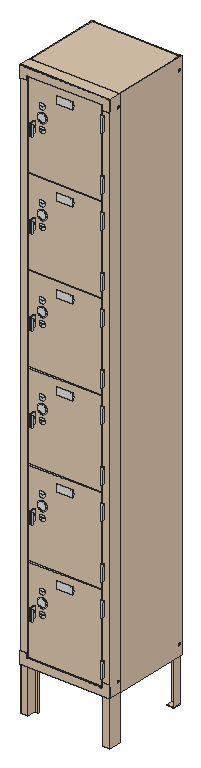
Revit family "Metal_Vented_Lockers-Salsbury_Industries-75000_76000_Series-1_Wide_Units", category Specialty Equipment, Revit 2023
Family settings
  Round Connector Dimension = Use Diameter
  Part Type = Normal
  OmniClass Number = 23.40.00.00
  OmniClass Title = Equipment and Furnishings
  Work Plane-Based = No
  Enable Cutting in Views = No
  Always vertical = Yes
  Cut with Voids When Loaded = No
  Maintain Annotation Orientation = No
  Shared = No
  Room Calculation Point = No
Parameters (values of type "76162 - with Standard 6" High Legs")
  Zee Base Corner - Right Side [instance] = Metal Locker Zee Base Corner : None
  Zee Base Corner - Left Side [instance] = Metal Locker Zee Base Corner : None
  Zee Base - Right Side [instance] = Metal Locker Zee Base-Right Side : None
  Zee Base - Left Side [instance] = Metal Locker Zee Base-Left Side : None
  Zee Base = Metal Locker Zee Base : None
  Width = 12.040"
  Version = "2.0 (01/30/18)"
  Vent Offset = if(Depth = 12.010", 3.250", if(Depth = 15.010", 3.500", if(Depth = 18.010", 3.750", 0.000")))  # 3.250"
  Vent Configuration Height = Vents : 6 foot high vents
  Vent Array Spacing = 1.187"
  Vent Array 2 = if(Depth = 12.010", 5, if(Depth = 15.010", 7, if(Depth = 18.010", 9, 0)))  # 5
  Vent Array 1 = Vent Array 2 + 1  # 6
  Unit Height including Sloping Hood Only [instance] = 78.625"
  Unit Height = 72.000"
  URL = "www.lockers.com"
  Type Comments = "12\" Wide Vented Metal Locker - Box Style Six Tier"
  Total Door(s) Height [instance] = 69.81949"
  Top Door = yes
  Top Compartment Divider = yes
  Test Data = "https://www.lockers.com/videolibrary/"
  Specification = "https://www.lockers.com/architect-resources//"
  Sloping Top In-Line Filler - Right Side [instance] = Metal Locker Sloping Top Filler : None
  Sloping Top In-Line Filler - Left Side [instance] = Metal Locker Sloping Top Filler : None
  Sloping Top Corner Filler - Right Side [instance] = Metal Locker Sloping Corner Filler : None
  Sloping Top Corner Filler - Left Side [instance] = Metal Locker Sloping Corner Filler : None
  Sloping Hood Height = if(Depth = 12.010", 6.625", if(Depth = 15.010", 8.682", if(Depth = 18.010", 10.739", 0.000")))  # 6.625"
  Sloping Hood [instance] = Metal Locker Sloping Hood : None
  Sales Information = "https://www.lockers.com/request_a_quote/"
  Right Side Base [instance] = Metal Locker Right Side Base : None
  Revision = "R1_2018-10"
  Product Data = "https://www.lockers.com/downloads__catalog/"
  Primary Structure Material [instance] = Steel - Salsbury Finish = Tan
  Overall Width including Rivets [instance] = 12.120"
  Unit Height including Base Only [instance] = 78.000"
  Overall Unit Height (including Base and Sloping Hood) [instance] = 84.625"
  OmniClass 23 Title = "Equipment and Furnishings"
  OmniClass 23 Number = "23.40.00.00"
  Model = "76162"
  MasterFormat Title = "Lockers"
  MasterFormat Number = "10 51 13"
  Manufacturer Website = "https://www.lockers.com/"
  Manufacturer Phone - Toll Free = "1-800-562-5377"
  Manufacturer Phone = "(323) 846-6700"
  Manufacturer Fax = "1-800-562-5399"
  Manufacturer Address = "1010 East 62nd Street, Los Angeles, CA 90001-1598"
  Manufacturer = "Salsbury Industries"
  Left Side Base [instance] = Metal Locker Left Side Base : None
  Keynote = "10 51 00"
  Installation-Fabrication = "https://www.lockers.com/downloads__installation_instructions/"
  Individual Door Height = 11.534"
  Hasp Plate Rivet Material = Steel -Salsbury Finish =  Polished Steel
  Hasp Handle Material = Plastic - Salsbury Finish - Black
  Green Building-LEED = "https://www.arcat.com/green/green_building.shtml"
  Front Vertical Filler - Right [instance] = Metal Locker Front Filler : None
  Front Vertical Filler - Left [instance] = Metal Locker Front Filler : None
  Front Base [instance] = Metal Locker Front Base : None
  Flat Top In-Line Filler - Right Side [instance] = Metal Locker Flat Top Filler : None
  Flat Top In-Line Filler - Left Side [instance] = Metal Locker Flat Top Filler : None
  Flat Top Corner Filler - Right Side [instance] = Metal Locker Flat Corner Filler : None
  Flat Top Corner Filler - Left Side [instance] = Metal Locker Flat Corner Filler : None
  Individual Door Width [instance] = 9.90055"
  End Panel - Right Side [instance] = Metal Locker End Panel : None
  End Panel - Left Side [instance] = Metal Locker End Panel : None
  Drawn By = ""
  Door Location D1 = Vented Metal Locker Doors-12 inch with Latch Hasps : Six Tier Door - 6 foot
  Description = "1 Wide - 6 Feet High - 12 Inches Deep"
  Depth = 12.010"
  Default Elevation = 0.000"
  Copyright = ""
  Construction Details = "https://www.lockers.com/downloads__catalog/"
  Compartment Divider Height = Individual Door Height - 0.375"  # 11.159"
  Category = ""
  Building Codes = "https://www.lockers.com/downloads__forms_and_information/"
  Base Height = 6.000"
  Standard Leg Base = Metal Locker Legs : 6" High - 12" W x 12" D
  Assembly Code = "C1030310"
Reference planes (in)
  plane 1 "Center (Front/Back)": y = 0
  plane 2: z = 0
  plane 3 "Center (Left/Right)": x = 0
  plane 4 "Floor": z = 0
  plane 5 "Bottom of Unit": z = 6
  plane 6 "Top of Unit": z = 78
  plane 7 "Left Side of Unit": x = -6.02
  plane 8 "Right Side of Unit": x = 6.02
  plane 9 "Back of Unit": y = 6.005
  plane 10 "Front of Unit": y = -6.005
  plane 11 "Top of Sloping Hood": z = 84.625
  plane 12 "Left Rivet": x = -6.06
  plane 13 "Right Rivet": x = 6.06
  plane 14 "Right Side of Door Opening": x = 5.02
  plane 15 "Left Side of Door Opening": x = -5.02
  plane 16 "Top of Door Opening": z = 77
  plane 17 "Bottom of Door Opening": z = 7
  plane 18 "Back Edge of Front Facing": y = -4.417
  plane 19 "Front Plate Plane": y = -6.065
  plane 20 "Horizontal Center of Top Rivets": z = 76.5
  plane 21 "Horiz Center of Bottom Rivets": z = 7.5
  plane 22 "Vertical Center of Back Rivets": y = 5.505
  plane 23 "Vertical Center of Front Rivets": y = -4.755
  plane 24 "Right Align Top Filler Overlap": x = 5.435
  plane 25 "Left Align Top Filler Overlap": x = -5.435
  plane 26 "Corner Filler Align-Left": x = -6.08
  plane 27 "Corner Filler Align-Right": x = 6.08
  plane 28 "Left Side of Door": x = -4.95029
  plane 29 "Right Side of Door": x = 4.95026
  plane 30 "Top of Door 1": z = 76.90976
  plane 31 "Bottom of Bottom Door": z = 7.09027
  plane 32 "Zee Base Offset": x = -5.669
  plane 33: x = 5.669
  plane 34 "Compartment Align 3": z = 19.159
  plane 35: x = -5.96
  plane 36: x = 5.96
  plane 37: x = -5.635
  plane 38: x = 5.635
  plane 39: y = 5.945
  plane 40: y = 5.895
  plane 41: y = 5.145
  plane 42: x = -5.9
  plane 43: x = 5.9
  plane 44: x = -5.095
  plane 45: x = 5.095
  plane 46: z = 77.94
  plane 47: z = 19.099
  plane 48: z = 18.159
  plane 49: z = 6.9204
  plane 50: z = 6.18539
  plane 51: z = 76.40796
  plane 52: z = 7.59204
  plane 53: z = 18.159
  plane 54: z = 18.62427
  plane 55: z = 18.74976
  plane 56: z = 30.28376
  plane 57: z = 30.40876
  plane 58: z = 29.78327
  plane 59: z = 30.72327
  plane 60 "Compartment Align 2": z = 30.78327
  plane 61: z = 53.72076
  plane 62: z = 41.94276
  plane 63: z = 42.06776
  plane 64: z = 41.44276
  plane 65: z = 42.38276
  plane 66 "Compartment Align 1": z = 42.44276
  plane 67: z = 71.20625
  plane 68: z = 53.60176
  plane 69: z = 53.72676
  plane 70: z = 65.26076
  plane 71: z = 65.38576
  plane 72: z = 53.10176
  plane 73: z = 54.04176
  plane 74: z = 54.10176
  plane 75: z = 64.76076
  plane 76: z = 65.70076
  plane 77: z = 65.76076
  plane 78: z = 82.86525
  plane 79: z = 94.52425
  plane 80 "Front Vent Align": y = -2.755
  plane 81: y = -2.385
  plane 82: y = -1.791
  plane 83 "Top Vent Align": z = 73.562
  plane 84: z = 72.81
  plane 85: z = 71.97
Forms (in)
  Sweep 1, solid, material "Steel - Salsbury Finish = Tan" <- "Primary Structure Material"
    path origin (0, -6.005, 0) x (1, 0, 0) y (0, 0, 1)
      loop
        line (-6.02, 78) -> (-6.02, 6) -> (6.02, 6) -> (6.02, 78) -> (-6.02, 78)
    profile origin (0, -6.005, 78) x (0, 0, 1) y (0, -1, 0)
      loop
        line (0, 0) -> (-1, 0) -> (-1, -1.588) -> (0, -1.588) -> (0, 0)
  Extrusion 2, solid, material "Steel - Salsbury Finish = Tan" <- "Primary Structure Material"
    sketch origin (0, 0, 6) x (0, -1, 0) y (1, 0, 0)
      loop
        line (4.417, 6.02) -> (-6.005, 6.02) -> (-6.005, 5.635) -> (-5.945, 5.635) -> (-5.945, 5.96) -> (4.417, 5.96) -> (4.417, 6.02)
    from 0 to 72
  Extrusion 3, solid, material "Steel - Salsbury Finish = Tan" <- "Primary Structure Material"
    sketch origin (0, 0, 6) x (0, -1, 0) y (1, 0, 0)
      loop
        line (4.417, -6.02) -> (4.417, -5.96) -> (-5.945, -5.96) -> (-5.945, -5.635) -> (-6.005, -5.635) -> (-6.005, -6.02) -> (4.417, -6.02)
    from 0 to 72
  Extrusion 4, solid, material "Steel - Salsbury Finish = Tan" <- "Primary Structure Material"
    sketch origin (0, 0, 6) x (0, -1, 0) y (1, 0, 0)
      loop
        line (-5.945, -5.96) -> (-5.145, -5.96) -> (-5.145, -5.9) -> (-5.895, -5.9) -> (-5.895, 5.9) -> (-5.145, 5.9) -> (-5.145, 5.96) -> (-5.945, 5.96) -> (-5.945, -5.96)
    from 0 to 72
  Sweep 5, solid, material "Steel - Salsbury Finish = Tan" <- "Primary Structure Material"
    path origin (0, 0, 7) x (0, -1, 0) y (1, 0, 0)
      loop
        line (4.417, -5.96) -> (4.417, 5.96) -> (-5.145, 5.96) -> (-5.145, 5.9) -> (-5.895, 5.9) -> (-5.895, -5.9) -> (-5.145, -5.9) -> (-5.145, -5.96) -> (4.417, -5.96)
    profile origin (-5.96, 0.364, 7) x (-1, 0, 0) y (0, 0, 1)
      loop
        line (0, -0.81461) -> (0, -0.0796) -> (-0.06, -0.0796) -> (-0.06, -0.81461) -> (0, -0.81461)
  Extrusion 6, solid, material "Steel - Salsbury Finish = Tan" <- "Primary Structure Material"
    sketch origin (0, 0, 7) x (0, -1, 0) y (1, 0, 0)
      loop
        line (-5.895, -5.9) -> (-5.145, -5.9) -> (-5.145, -5.96) -> (4.417, -5.96) -> (4.417, 5.96) -> (-5.145, 5.96) -> (-5.145, 5.9) -> (-5.895, 5.9) -> (-5.895, -5.9)
    from -0.0796 to 0
  Extrusion 7, solid, material "Steel - Salsbury Finish = Tan" <- "Primary Structure Material"
    sketch origin (0, 0, 78) x (0, -1, 0) y (1, 0, 0)
      loop
        line (-5.895, -5.9) -> (-5.145, -5.9) -> (-5.145, -5.96) -> (4.417, -5.96) -> (4.417, 5.96) -> (-5.145, 5.96) -> (-5.145, 5.9) -> (-5.895, 5.9) -> (-5.895, -5.9)
    from -0.06 to 0
  Extrusion 8, solid, material "Steel - Salsbury Finish = Tan" <- "Primary Structure Material"
    sketch origin (0, -6.065, 0) x (0, 0, -1) y (1, 0, 0)
      loop
        line (-78, -6.02) -> (-76.47656, -6.02)
        arc (-76.47656, -6.02) -> (-76.42806, -5.99991) -> (-76.40796, -5.9514) r 0.0686
        line (-76.40796, -5.9514) -> (-76.40796, -5.16351)
        arc (-76.40796, -5.16351) -> (-76.42809, -5.11506) -> (-76.47656, -5.095) r 0.0686
        line (-76.47656, -5.095) -> (-77, -5.095) -> (-77, 5.095) -> (-76.47656, 5.095)
        arc (-76.47656, 5.095) -> (-76.42809, 5.11506) -> (-76.40796, 5.16351) r 0.0686
        line (-76.40796, 5.16351) -> (-76.40796, 5.9514)
        arc (-76.40796, 5.9514) -> (-76.42806, 5.99991) -> (-76.47656, 6.02) r 0.0686
        line (-76.47656, 6.02) -> (-78, 6.02) -> (-78, -6.02)
    from -0.06 to 0
  Extrusion 9, solid, material "Steel - Salsbury Finish = Tan" <- "Primary Structure Material"
    sketch origin (0, -6.065, 84) x (0, 0, 1) y (-1, 0, 0)
      loop
        line (-78, 6.02) -> (-78, -6.02) -> (-76.47656, -6.02)
        arc (-76.47656, -6.02) -> (-76.42806, -5.99991) -> (-76.40796, -5.9514) r 0.0686
        line (-76.40796, -5.9514) -> (-76.40796, -5.16351)
        arc (-76.40796, -5.16351) -> (-76.42809, -5.11506) -> (-76.47656, -5.095) r 0.0686
        line (-76.47656, -5.095) -> (-77, -5.095) -> (-77, 5.095) -> (-76.47656, 5.095)
        arc (-76.47656, 5.095) -> (-76.42809, 5.11506) -> (-76.40796, 5.16351) r 0.0686
        line (-76.40796, 5.16351) -> (-76.40796, 5.9514)
        arc (-76.40796, 5.9514) -> (-76.42806, 5.99991) -> (-76.47656, 6.02) r 0.0686
        line (-76.47656, 6.02) -> (-78, 6.02)
    from -0.06 to 0
  Blend 10, solid, material "Steel -Salsbury Finish =  Polished Steel" <- "Hasp Plate Rivet Material"
    base sketch origin (6.02, 0, 0) x (0, 0, -1) y (0, -1, 0)
      loop
        circle (-76.5, 4.755) r 0.187
    top sketch origin (6.02, 0, 0) x (0, 0, -1) y (0, -1, 0)
      loop
        circle (-76.5, 4.755) r 0.05319
    from 0 to -0.04
  Blend 11, solid, material "Steel -Salsbury Finish =  Polished Steel" <- "Hasp Plate Rivet Material"
    base sketch origin (6.02, 0, -69) x (0, 0, -1) y (0, -1, 0)
      loop
        circle (-76.5, 4.755) r 0.187
    top sketch origin (6.02, 0, -69) x (0, 0, -1) y (0, -1, 0)
      loop
        circle (-76.5, 4.755) r 0.05319
    from 0 to -0.04
  Blend 12, solid, material "Steel -Salsbury Finish =  Polished Steel" <- "Hasp Plate Rivet Material"
    base sketch origin (6.02, 10.26, -69) x (0, 0, -1) y (0, -1, 0)
      loop
        circle (-76.5, 4.755) r 0.187
    top sketch origin (6.02, 10.26, -69) x (0, 0, -1) y (0, -1, 0)
      loop
        circle (-76.5, 4.755) r 0.05319
    from 0 to -0.04
  Blend 13, solid, material "Steel -Salsbury Finish =  Polished Steel" <- "Hasp Plate Rivet Material"
    base sketch origin (6.02, 10.26, 0.0043) x (0, 0, -1) y (0, -1, 0)
      loop
        circle (-76.5, 4.755) r 0.187
    top sketch origin (6.02, 10.26, 0.0043) x (0, 0, -1) y (0, -1, 0)
      loop
        circle (-76.5, 4.755) r 0.05319
    from 0 to -0.04
  Blend 14, solid, material "Steel -Salsbury Finish =  Polished Steel" <- "Hasp Plate Rivet Material"
    base sketch origin (-6.02, 0, -69) x (0, 0, -1) y (0, 1, 0)
      loop
        circle (-76.5, -4.755) r 0.187
    top sketch origin (-6.02, 0, -69) x (0, 0, -1) y (0, 1, 0)
      loop
        circle (-76.5, -4.755) r 0.05319
    from 0 to -0.04
  Blend 15, solid, material "Steel -Salsbury Finish =  Polished Steel" <- "Hasp Plate Rivet Material"
    base sketch origin (-6.02, 10.26, -69) x (0, 0, -1) y (0, 1, 0)
      loop
        circle (-76.5, -4.755) r 0.187
    top sketch origin (-6.02, 10.26, -69) x (0, 0, -1) y (0, 1, 0)
      loop
        circle (-76.5, -4.755) r 0.05319
    from 0 to -0.04
  Blend 16, solid, material "Steel -Salsbury Finish =  Polished Steel" <- "Hasp Plate Rivet Material"
    base sketch origin (-6.02, 0, 0) x (0, 0, -1) y (0, 1, 0)
      loop
        circle (-76.5, -4.755) r 0.187
    top sketch origin (-6.02, 0, 0) x (0, 0, -1) y (0, 1, 0)
      loop
        circle (-76.5, -4.755) r 0.05319
    from 0 to -0.04
  Blend 17, solid, material "Steel -Salsbury Finish =  Polished Steel" <- "Hasp Plate Rivet Material"
    base sketch origin (-6.02, 10.26, 0.00039) x (0, 0, -1) y (0, 1, 0)
      loop
        circle (-76.5, -4.755) r 0.187
    top sketch origin (-6.02, 10.26, 0.00039) x (0, 0, -1) y (0, 1, 0)
      loop
        circle (-76.5, -4.755) r 0.05319
    from 0 to -0.04
  Extrusion 18, solid, material "Steel - Salsbury Finish = Tan" <- "Primary Structure Material"
    sketch origin (0, 0, 19.159) x (0, -1, 0) y (1, 0, 0)
      loop
        line (-5.895, -5.9) -> (-5.145, -5.9) -> (-5.145, -5.96) -> (4.417, -5.96) -> (4.417, 5.96) -> (-5.145, 5.96) -> (-5.145, 5.9) -> (-5.895, 5.9) -> (-5.895, -5.9)
    from -0.06 to 0
  Sweep 19, solid, material "Steel - Salsbury Finish = Tan" <- "Primary Structure Material"
    path origin (0, 0, 19.159) x (0, -1, 0) y (1, 0, 0)
      loop
        line (4.417, -5.96) -> (4.417, 5.96) -> (-5.145, 5.96) -> (-5.145, 5.9) -> (-5.895, 5.9) -> (-5.895, -5.9) -> (-5.145, -5.9) -> (-5.145, -5.96) -> (4.417, -5.96)
    profile origin (-5.96, 0.364, 19.159) x (-1, 0, 0) y (0, 0, 1)
      loop
        line (0, -1) -> (0, -0.06) -> (-0.06, -0.06) -> (-0.06, -1) -> (0, -1)
  Extrusion 20, solid, material "Steel - Salsbury Finish = Tan" <- "Primary Structure Material"
    sketch origin (0, 0, 54.72076) x (0, -1, 0) y (1, 0, 0)
      loop
        line (-5.895, -5.9) -> (-5.145, -5.9) -> (-5.145, -5.96) -> (4.417, -5.96) -> (4.417, 5.96) -> (-5.145, 5.96) -> (-5.145, 5.9) -> (-5.895, 5.9) -> (-5.895, -5.9)
    from -23.99749 to -23.93749
  Sweep 21, solid, material "Steel - Salsbury Finish = Tan" <- "Primary Structure Material"
    path origin (0, 0, 30.78327) x (0, -1, 0) y (1, 0, 0)
      loop
        line (4.417, -5.96) -> (4.417, 5.96) -> (-5.145, 5.96) -> (-5.145, 5.9) -> (-5.895, 5.9) -> (-5.895, -5.9) -> (-5.145, -5.9) -> (-5.145, -5.96) -> (4.417, -5.96)
    profile origin (-5.96, 0.364, 30.78327) x (-1, 0, 0) y (0, 0, 1)
      loop
        line (0, -1) -> (0, -0.06) -> (-0.06, -0.06) -> (-0.06, -1) -> (0, -1)
  Extrusion 22, solid, material "Steel - Salsbury Finish = Tan" <- "Primary Structure Material"
    sketch origin (0, 0, 42.44276) x (0, -1, 0) y (1, 0, 0)
      loop
        line (-5.895, -5.9) -> (-5.145, -5.9) -> (-5.145, -5.96) -> (4.417, -5.96) -> (4.417, 5.96) -> (-5.145, 5.96) -> (-5.145, 5.9) -> (-5.895, 5.9) -> (-5.895, -5.9)
    from -0.06 to 0
  Sweep 23, solid, material "Steel - Salsbury Finish = Tan" <- "Primary Structure Material"
    path origin (0, 0, 42.44276) x (0, -1, 0) y (1, 0, 0)
      loop
        line (4.417, -5.96) -> (4.417, 5.96) -> (-5.145, 5.96) -> (-5.145, 5.9) -> (-5.895, 5.9) -> (-5.895, -5.9) -> (-5.145, -5.9) -> (-5.145, -5.96) -> (4.417, -5.96)
    profile origin (-5.96, 0.364, 42.44276) x (-1, 0, 0) y (0, 0, 1)
      loop
        line (0, -1) -> (0, -0.06) -> (-0.06, -0.06) -> (-0.06, -1) -> (0, -1)
  Extrusion 24, solid, material "Steel - Salsbury Finish = Tan" <- "Primary Structure Material"
    sketch origin (0, 0, 54.10176) x (0, -1, 0) y (1, 0, 0)
      loop
        line (-5.895, -5.9) -> (-5.145, -5.9) -> (-5.145, -5.96) -> (4.417, -5.96) -> (4.417, 5.96) -> (-5.145, 5.96) -> (-5.145, 5.9) -> (-5.895, 5.9) -> (-5.895, -5.9)
    from -0.06 to 0
  Sweep 25, solid, material "Steel - Salsbury Finish = Tan" <- "Primary Structure Material"
    path origin (0, 0, 54.10176) x (0, -1, 0) y (1, 0, 0)
      loop
        line (4.417, -5.96) -> (4.417, 5.96) -> (-5.145, 5.96) -> (-5.145, 5.9) -> (-5.895, 5.9) -> (-5.895, -5.9) -> (-5.145, -5.9) -> (-5.145, -5.96) -> (4.417, -5.96)
    profile origin (-5.96, 0.364, 54.10176) x (-1, 0, 0) y (0, 0, 1)
      loop
        line (0, -1) -> (0, -0.06) -> (-0.06, -0.06) -> (-0.06, -1) -> (0, -1)
  Extrusion 26, solid, material "Steel - Salsbury Finish = Tan" <- "Primary Structure Material", visible <- "Top Compartment Divider"
    sketch origin (0, 0, 65.76076) x (0, -1, 0) y (1, 0, 0)
      loop
        line (-5.895, -5.9) -> (-5.145, -5.9) -> (-5.145, -5.96) -> (4.417, -5.96) -> (4.417, 5.96) -> (-5.145, 5.96) -> (-5.145, 5.9) -> (-5.895, 5.9) -> (-5.895, -5.9)
    from -0.06 to 0
  Sweep 27, solid, material "Steel - Salsbury Finish = Tan" <- "Primary Structure Material", visible <- "Top Compartment Divider"
    path origin (0, 0, 65.76076) x (0, -1, 0) y (1, 0, 0)
      loop
        line (4.417, -5.96) -> (4.417, 5.96) -> (-5.145, 5.96) -> (-5.145, 5.9) -> (-5.895, 5.9) -> (-5.895, -5.9) -> (-5.145, -5.9) -> (-5.145, -5.96) -> (4.417, -5.96)
    profile origin (-5.96, 0.364, 65.76076) x (-1, 0, 0) y (0, 0, 1)
      loop
        line (0, -1) -> (0, -0.06) -> (-0.06, -0.06) -> (-0.06, -1) -> (0, -1)
Lines and regions (in)
  reference lines
    curve 1: line (-29.59242, -6.065, 78) -> (36.15758, -6.065, 78)
  symbolic lines
    curve 2: line (-6.02, 6.005, 78) -> (6.02, 6.005, 78)
    curve 3: line (-6.02, -6.065, 78) -> (-6.02, 6.005, 78)
    curve 4: line (6.02, -6.065, 78) -> (-6.02, -6.065, 78)
    curve 5: line (6.02, 6.005, 78) -> (6.02, -6.065, 78)
    curve 6: line (-6.06, -4.80819, 78) -> (-6.02, -4.91809, 78)
    curve 7: line (-6.02, -4.58043, 78) -> (-6.06, -4.70181, 78)
    curve 8: line (-6.06, -4.80819, 78) -> (-6.06, -4.70181, 78)
    curve 9: line (-6.06, 5.45181, 78) -> (-6.02, 5.31077, 78)
    curve 10: line (-6.06, 5.55819, 78) -> (-6.02, 5.68474, 78)
    curve 11: line (-6.06, 5.55819, 78) -> (-6.06, 5.45181, 78)
    curve 12: line (6.06, 5.55819, 78) -> (6.02, 5.70747, 78)
    curve 13: line (6.06, 5.45181, 78) -> (6.02, 5.3179, 78)
    curve 14: line (6.06, 5.55819, 78) -> (6.06, 5.45181, 78)
    curve 15: line (6.06, -4.70181, 78) -> (6.02, -4.57098, 78)
    curve 16: line (6.06, -4.80819, 78) -> (6.02, -4.94769, 78)
    curve 17: line (6.06, -4.70181, 78) -> (6.06, -4.80819, 78)
Dimensions and locks (in)
  equal spacing: plane 7 "Left Side of Unit", plane 3 "Center (Left/Right)", plane 8 "Right Side of Unit"
  "Width": plane 7 "Left Side of Unit" to plane 8 "Right Side of Unit"
  "Base Height": plane 5 "Bottom of Unit" to plane 4 "Floor"
  "Unit Height": plane 6 "Top of Unit" to plane 5 "Bottom of Unit"
  "Unit Height including Base Only": plane 6 "Top of Unit" to plane 4 "Floor"
  equal spacing: plane 10 "Front of Unit", plane 1 "Center (Front/Back)", plane 9 "Back of Unit"
  "Depth": plane 10 "Front of Unit" to plane 9 "Back of Unit"
  "Sloping Hood Height": plane 11 "Top of Sloping Hood" to plane 6 "Top of Unit"
  "Overall Unit Height (including Base and Sloping Hood)": plane 11 "Top of Sloping Hood" to plane 4 "Floor"
  locked: plane 12 "Left Rivet" to plane 7 "Left Side of Unit" at 0.04
  locked: plane 8 "Right Side of Unit" to plane 13 "Right Rivet" at 0.04
  "Overall Width including Rivets": plane 12 "Left Rivet" to plane 13 "Right Rivet"
  plane 6 "Top of Unit" to plane 16 "Top of Door Opening" to plane 30 "Top of Door 1" to plane 51 = 1.000" locked, 0.09024", 0.5018"
  plane 52 to plane 31 "Bottom of Bottom Door" to plane 17 "Bottom of Door Opening" to plane 5 "Bottom of Unit" = 0.50177", 0.09027", 1.000" locked
  plane 7 "Left Side of Unit" to plane 15 "Left Side of Door Opening" to plane 28 "Left Side of Door" = 1.000" locked, 0.06971"
  plane 29 "Right Side of Door" to plane 14 "Right Side of Door Opening" to plane 8 "Right Side of Unit" = 0.06974", 1.000" locked
  plane 19 "Front Plate Plane" to plane 10 "Front of Unit" to plane 18 "Back Edge of Front Facing" = 0.060" locked, 1.588" locked
  "Unit Height including Sloping Hood Only": plane 11 "Top of Sloping Hood" to plane 5 "Bottom of Unit"
  locked: plane 20 "Horizontal Center of Top Rivets" to plane 6 "Top of Unit" at 1.5
  locked: plane 5 "Bottom of Unit" to plane 21 "Horiz Center of Bottom Rivets" at 1.5
  locked: plane 22 "Vertical Center of Back Rivets" to plane 9 "Back of Unit" at 0.5
  locked: plane 10 "Front of Unit" to plane 23 "Vertical Center of Front Rivets" at 1.25
  locked: plane 24 "Right Align Top Filler Overlap" to plane 13 "Right Rivet" at 0.625
  locked: plane 12 "Left Rivet" to plane 25 "Left Align Top Filler Overlap" at 0.625
  locked: plane 8 "Right Side of Unit" to plane 27 "Corner Filler Align-Right" at 0.06
  locked: plane 26 "Corner Filler Align-Left" to plane 7 "Left Side of Unit" at 0.06
  "Individual Door Width": plane 28 "Left Side of Door" to plane 29 "Right Side of Door"
  "Total Door(s) Height": plane 30 "Top of Door 1" to plane 31 "Bottom of Bottom Door"
  plane 7 "Left Side of Unit" to plane 32 "Zee Base Offset" = 0.351"
  plane 33 to plane 8 "Right Side of Unit" = 0.351"
  plane 34 "Compartment Align 3" to plane 47 to plane 53 = 0.060" locked, 0.940" locked
  plane 7 "Left Side of Unit" to plane 35 to plane 42 to plane 37 = 0.060" locked, 0.060" locked, 0.265" locked
  plane 38 to plane 43 to plane 36 to plane 8 "Right Side of Unit" = 0.265" locked, 0.060", 0.060"
  plane 41 to plane 40 to plane 39 to plane 9 "Back of Unit" = 0.750" locked, 0.050", 0.060"
  locked: plane 7 "Left Side of Unit" to plane 44 at 0.925
  locked: plane 45 to plane 8 "Right Side of Unit" at 0.925
  locked: plane 6 "Top of Unit" to plane 46 at 0.06
  plane 47 to plane 48 = 0.940"
  locked: plane 17 "Bottom of Door Opening" to plane 49 at 0.0796
  plane 49 to plane 50 = 0.73501"
  "Compartment Divider Height": plane 53 to plane 17 "Bottom of Door Opening"
  "Individual Door Height": plane 54 to plane 31 "Bottom of Bottom Door"
  locked: plane 55 to plane 54 at 0.12549
  locked: plane 57 to plane 56 at 0.125
  "Individual Door Height": plane 56 to plane 55
  plane 60 "Compartment Align 2" to plane 59 to plane 58 = 0.060" locked, 0.940" locked
  locked: plane 63 to plane 62 at 0.125
  "Individual Door Height": plane 62 to plane 57
  "Compartment Divider Height": plane 58 to plane 54
  "Compartment Divider Height": plane 64 to plane 56
  plane 66 "Compartment Align 1" to plane 65 to plane 64 = 0.060", 0.940"
  locked: plane 69 to plane 68 at 0.125
  locked: plane 71 to plane 70 at 0.125
  "Individual Door Height": plane 68 to plane 63
  "Individual Door Height": plane 70 to plane 69
  "Compartment Divider Height": plane 72 to plane 62
  "Compartment Divider Height": plane 75 to plane 68
  plane 74 to plane 73 to plane 72 = 0.060" locked, 0.940" locked
  plane 77 to plane 76 to plane 75 = 0.060" locked, 0.940" locked
  "Vent Offset": plane 10 "Front of Unit" to plane 80 "Front Vent Align"
  plane 83 "Top Vent Align" to plane 6 "Top of Unit" = 4.438"
  plane 85 to plane 84 to plane 83 "Top Vent Align" = 0.840", 0.752"
  plane 80 "Front Vent Align" to plane 81 to plane 82 = 0.370" locked, 0.594" locked
  equal spacing: group 1, group 2, group 3, group 4, group 5, group 6  (x3)
  equal spacing: group 7, group 8, group 9, group 10, group 11  (x3)
  "Vent Array Spacing": nested 29 to nested 31
  "Vent Array Spacing": nested 30 to nested 36
  equal spacing: group 12, group 13, group 14, group 15, group 16, group 22  (x3)
  equal spacing: group 17, group 18, group 19, group 20, group 21  (x3)
  "Vent Array Spacing": nested 42 to nested 40
  "Vent Array Spacing": nested 46 to nested 41
  aligned and locked: level to plane 2
  aligned and locked: Extrusion 2 to plane 6 "Top of Unit"
  aligned and locked: Extrusion 3 to plane 6 "Top of Unit"
  aligned and locked: Extrusion 4 to plane 6 "Top of Unit"
  aligned and locked: Extrusion 8 to plane 10 "Front of Unit"
  aligned and locked: Extrusion 9 to plane 10 "Front of Unit"
  aligned and locked: Extrusion 6 to plane 17 "Bottom of Door Opening"
  aligned and locked: plane 4 "Floor" to nested 2
  aligned and locked: plane 5 "Bottom of Unit" to Extrusion 9
  aligned and locked: plane 8 "Right Side of Unit" to nested 6
  aligned and locked: plane 7 "Left Side of Unit" to nested 7
  aligned and locked: Blend 10 to plane 13 "Right Rivet"
  aligned and locked: plane 8 "Right Side of Unit" to Blend 10
  aligned and locked: Blend 15 to plane 7 "Left Side of Unit"
  aligned and locked: Blend 14 to plane 7 "Left Side of Unit"  (x2)
  aligned and locked: plane 12 "Left Rivet" to Blend 14
  aligned and locked: plane 12 "Left Rivet" to Blend 15
  aligned and locked: Blend 14 to plane 12 "Left Rivet"
  aligned and locked: Blend 17 to plane 7 "Left Side of Unit"
  aligned and locked: plane 12 "Left Rivet" to Blend 17
  aligned and locked: Blend 16 to plane 7 "Left Side of Unit"
  aligned and locked: plane 12 "Left Rivet" to Blend 16
  aligned and locked: plane 5 "Bottom of Unit" to nested 10
  aligned and locked: plane 13 "Right Rivet" to nested 10
  aligned and locked: plane 12 "Left Rivet" to nested 11
  aligned and locked: nested 11 to plane 10 "Front of Unit"
  aligned and locked: plane 13 "Right Rivet" to nested 12
  aligned and locked: plane 10 "Front of Unit" to nested 12
  aligned and locked: plane 6 "Top of Unit" to nested 12
  aligned and locked: plane 12 "Left Rivet" to nested 13
  aligned and locked: plane 10 "Front of Unit" to nested 13
  aligned and locked: plane 6 "Top of Unit" to nested 13
  aligned and locked: plane 6 "Top of Unit" to nested 14
  aligned and locked: nested 14 to plane 19 "Front Plate Plane"
  aligned and locked: nested 14 to plane 24 "Right Align Top Filler Overlap"
  aligned and locked: nested 15 to plane 25 "Left Align Top Filler Overlap"
  aligned and locked: nested 15 to plane 19 "Front Plate Plane"
  aligned and locked: nested 10 to nested 15
  aligned and locked: plane 19 "Front Plate Plane" to nested 16
  aligned and locked: plane 6 "Top of Unit" to nested 16
  aligned and locked: nested 17 to plane 6 "Top of Unit"
  aligned and locked: nested 17 to plane 19 "Front Plate Plane"
  aligned and locked: plane 19 "Front Plate Plane" to nested 18
  aligned and locked: nested 19 to plane 24 "Right Align Top Filler Overlap"
  aligned and locked: nested 19 to plane 19 "Front Plate Plane"
  aligned and locked: plane 16 "Top of Door Opening" to nested 19
  aligned and locked: nested 20 to plane 16 "Top of Door Opening"
  aligned and locked: nested 20 to plane 25 "Left Align Top Filler Overlap"
  aligned and locked: nested 20 to plane 19 "Front Plate Plane"
  aligned and locked: nested 11 to plane 6 "Top of Unit"
  aligned and locked: plane 10 "Front of Unit" to nested 10
  aligned and locked: plane 10 "Front of Unit" to nested 23
  aligned and locked: plane 10 "Front of Unit" to nested 1
  aligned and locked: plane 10 "Front of Unit" to nested 2
  aligned and locked: plane 6 "Top of Unit" to nested 18
  aligned and locked: plane 7 "Left Side of Unit" to nested 17
  aligned and locked: plane 32 "Zee Base Offset" to nested 9
  aligned and locked: plane 18 "Back Edge of Front Facing" to nested 9
  aligned and locked: nested 8 to plane 18 "Back Edge of Front Facing"
  aligned and locked: plane 33 to nested 8
  aligned and locked: plane 8 "Right Side of Unit" to nested 21
  aligned and locked: nested 22 to plane 7 "Left Side of Unit"
  aligned and locked: nested 22 to curve 1
  aligned and locked: nested 21 to curve 1
  aligned and locked: Sweep 19 sketch curve to Extrusion 18
  aligned and locked: plane 7 "Left Side of Unit" to Extrusion 3
  aligned and locked: Extrusion 3 to plane 9 "Back of Unit"
  aligned and locked: Extrusion 2 to plane 8 "Right Side of Unit"
  aligned and locked: Extrusion 2 to plane 9 "Back of Unit"
  aligned and locked: plane 18 "Back Edge of Front Facing" to Extrusion 3
  aligned and locked: plane 18 "Back Edge of Front Facing" to Extrusion 2
  aligned and locked: plane 35 to Extrusion 3
  aligned and locked: plane 36 to Extrusion 2
  aligned and locked: plane 37 to Extrusion 3
  aligned and locked: plane 38 to Extrusion 2
  aligned and locked: plane 39 to Extrusion 3
  aligned and locked: plane 39 to Extrusion 2
  aligned and locked: Extrusion 4 to plane 39
  aligned and locked: plane 40 to Extrusion 4
  aligned and locked: plane 35 to Extrusion 4
  aligned and locked: plane 41 to Extrusion 4  (x2)
  aligned and locked: plane 42 to Extrusion 4
  aligned and locked: plane 43 to Extrusion 4
  aligned and locked: Extrusion 7 to plane 40
  aligned and locked: plane 42 to Extrusion 7
  aligned and locked: plane 35 to Extrusion 7  (x2)
  aligned and locked: Extrusion 7 to plane 41  (x2)
  aligned and locked: Extrusion 7 to plane 43
  aligned and locked: Extrusion 7 to plane 36  (x2)
  aligned and locked: plane 18 "Back Edge of Front Facing" to Extrusion 7
  aligned and locked: plane 18 "Back Edge of Front Facing" to Extrusion 6
  aligned and locked: Extrusion 6 to plane 40
  aligned and locked: Extrusion 6 to plane 43
  aligned and locked: Extrusion 6 to plane 41  (x2)
  aligned and locked: Extrusion 6 to plane 36
  aligned and locked: plane 42 to Extrusion 6
  aligned and locked: plane 35 to Extrusion 6
  aligned and locked: Sweep 5 to plane 40
  aligned and locked: Sweep 5 to plane 41  (x2)
  aligned and locked: Sweep 5 to plane 43
  aligned and locked: Sweep 5 to plane 36
  aligned and locked: plane 18 "Back Edge of Front Facing" to Sweep 5
  aligned and locked: plane 35 to Sweep 5
  aligned and locked: plane 42 to Sweep 5
  aligned and locked: Sweep 5 sketch curve to plane 42
  aligned and locked: plane 40 to Sweep 5 sketch curve
  aligned and locked: plane 41 to Sweep 5 sketch curve  (x2)
  aligned and locked: Sweep 5 sketch curve to plane 35  (x2)
  aligned and locked: plane 43 to Sweep 5 sketch curve
  aligned and locked: plane 36 to Sweep 5 sketch curve
  aligned and locked: Sweep 5 sketch curve to plane 18 "Back Edge of Front Facing"
  aligned and locked: Extrusion 18 to plane 40
  aligned and locked: Extrusion 18 to plane 43
  aligned and locked: Extrusion 18 to plane 41  (x2)
  aligned and locked: Extrusion 18 to plane 36
  aligned and locked: plane 18 "Back Edge of Front Facing" to Extrusion 18
  aligned and locked: plane 35 to Extrusion 18
  aligned and locked: plane 42 to Extrusion 18
  aligned and locked: plane 40 to Sweep 19 sketch curve
  aligned and locked: plane 43 to Sweep 19 sketch curve
  aligned and locked: plane 41 to Sweep 19 sketch curve  (x2)
  aligned and locked: plane 36 to Sweep 19 sketch curve
  aligned and locked: Sweep 19 sketch curve to plane 18 "Back Edge of Front Facing"
  aligned and locked: Sweep 19 sketch curve to plane 35  (x2)
  aligned and locked: Sweep 19 sketch curve to plane 42
  aligned and locked: plane 6 "Top of Unit" to Sweep 1 sketch curve  (x2)
  aligned and locked: Sweep 1 sketch curve to plane 7 "Left Side of Unit"
  aligned and locked: plane 8 "Right Side of Unit" to Sweep 1 sketch curve
  aligned and locked: Sweep 1 sketch curve to plane 5 "Bottom of Unit"
  aligned and locked: plane 10 "Front of Unit" to Sweep 1
  aligned and locked: Extrusion 8 to plane 19 "Front Plate Plane"
  aligned and locked: plane 10 "Front of Unit" to Extrusion 8
  aligned and locked: Extrusion 8 to plane 8 "Right Side of Unit"
  aligned and locked: plane 7 "Left Side of Unit" to Extrusion 8
  aligned and locked: plane 7 "Left Side of Unit" to Extrusion 9
  aligned and locked: plane 19 "Front Plate Plane" to Extrusion 9
  aligned and locked: Extrusion 9 to plane 8 "Right Side of Unit"
  aligned and locked: plane 44 to Extrusion 9
  aligned and locked: plane 45 to Extrusion 9
  aligned and locked: plane 45 to Extrusion 8
  aligned and locked: Extrusion 8 to plane 44
  aligned and locked: plane 29 "Right Side of Door" to nested 23
  aligned and locked: plane 18 "Back Edge of Front Facing" to Sweep 1 sketch curve
  aligned and locked: Sweep 1 sketch curve to plane 16 "Top of Door Opening"
  aligned and locked: Sweep 1 sketch curve to plane 10 "Front of Unit"
  aligned and locked: plane 5 "Bottom of Unit" to Extrusion 4
  aligned and locked: Extrusion 4 to plane 36
  aligned and locked: plane 5 "Bottom of Unit" to Extrusion 3
  aligned and locked: plane 5 "Bottom of Unit" to Extrusion 2
  aligned and locked: Extrusion 7 to plane 6 "Top of Unit"
  aligned and locked: plane 46 to Extrusion 7
  aligned and locked: Extrusion 18 to plane 34 "Compartment Align 3"
  aligned and locked: plane 47 to Extrusion 18
  aligned and locked: plane 42 to Sweep 19 sketch curve
  aligned and locked: plane 48 to Sweep 19 sketch curve
  aligned and locked: plane 49 to Extrusion 6
  aligned and locked: Sweep 5 to plane 49
  aligned and locked: plane 50 to Sweep 5 sketch curve
  aligned and locked: plane 49 to Sweep 5 sketch curve
  aligned and locked: plane 42 to Sweep 5 sketch curve
  aligned and locked: plane 51 to Extrusion 8  (x2)
  aligned and locked: Extrusion 8 to plane 6 "Top of Unit"
  aligned and locked: plane 16 "Top of Door Opening" to Extrusion 8
  aligned and locked: Extrusion 9 to plane 17 "Bottom of Door Opening"
  aligned and locked: plane 52 to Extrusion 9
  aligned and locked: Extrusion 9 to plane 52
  aligned and locked: plane 4 "Floor" to nested 1
  aligned and locked: plane 8 "Right Side of Unit" to nested 1
  aligned and locked: Blend 12 to plane 13 "Right Rivet"
  aligned and locked: plane 8 "Right Side of Unit" to Blend 12
  aligned and locked: plane 8 "Right Side of Unit" to Blend 13
  aligned and locked: Blend 13 to plane 13 "Right Rivet"
  aligned and locked: plane 8 "Right Side of Unit" to Blend 11
  aligned and locked: Blend 11 to plane 13 "Right Rivet"
  aligned and locked: nested 22 to curve 3
  aligned and locked: curve 4 to Extrusion 8
  aligned and locked: curve 5 to Extrusion 8
  aligned and locked: curve 8 to Blend 14
  aligned and locked: curve 11 to Blend 15
  aligned and locked: curve 14 to Blend 12
  aligned and locked: curve 17 to Blend 10
  aligned and locked: plane 53 to Sweep 19
  aligned and locked: nested 23 to plane 31 "Bottom of Bottom Door"
  aligned and locked: plane 55 to nested 24
  aligned and locked: plane 10 "Front of Unit" to nested 24
  aligned and locked: plane 29 "Right Side of Door" to nested 24
  aligned and locked: plane 29 "Right Side of Door" to nested 25
  aligned and locked: nested 25 to plane 57
  aligned and locked: Sweep 21 sketch curve to Extrusion 20
  aligned and locked: Extrusion 20 to plane 60 "Compartment Align 2"
  aligned and locked: plane 59 to Sweep 21
  aligned and locked: Sweep 21 sketch curve to plane 58
  aligned and locked: Extrusion 20 sketch curve to plane 40
  aligned and locked: plane 35 to Extrusion 20 sketch curve
  aligned and locked: plane 42 to Extrusion 20 sketch curve
  aligned and locked: Extrusion 20 sketch curve to plane 41  (x2)
  aligned and locked: plane 18 "Back Edge of Front Facing" to Extrusion 20 sketch curve
  aligned and locked: Extrusion 20 sketch curve to plane 36
  aligned and locked: Extrusion 20 sketch curve to plane 43
  aligned and locked: plane 40 to Sweep 21 sketch curve
  aligned and locked: Sweep 21 sketch curve to plane 42
  aligned and locked: Sweep 21 sketch curve to plane 35
  aligned and locked: plane 41 to Sweep 21 sketch curve  (x2)
  aligned and locked: Sweep 21 sketch curve to plane 18 "Back Edge of Front Facing"
  aligned and locked: plane 36 to Sweep 21 sketch curve
  aligned and locked: plane 43 to Sweep 21 sketch curve
  aligned and locked: plane 63 to nested 26
  aligned and locked: plane 65 to Extrusion 22
  aligned and locked: Extrusion 22 to plane 66 "Compartment Align 1"
  aligned and locked: Sweep 23 sketch curve to plane 64
  aligned and locked: plane 65 to Sweep 23 sketch curve
  aligned and locked: Sweep 23 sketch curve to plane 35
  aligned and locked: plane 41 to Sweep 23 sketch curve  (x2)
  aligned and locked: Sweep 23 sketch curve to plane 42
  aligned and locked: plane 40 to Sweep 23 sketch curve
  aligned and locked: plane 43 to Sweep 23 sketch curve
  aligned and locked: plane 36 to Sweep 23 sketch curve
  aligned and locked: Sweep 23 sketch curve to plane 18 "Back Edge of Front Facing"
  aligned and locked: Extrusion 22 to nested 5  (x3)
  aligned and locked: Extrusion 22 to plane 41  (x2)
  aligned and locked: Extrusion 22 to Sweep 23  (x2)
  aligned and locked: plane 18 "Back Edge of Front Facing" to Extrusion 22
  aligned and locked: plane 29 "Right Side of Door" to nested 26
  aligned and locked: plane 10 "Front of Unit" to nested 26
  aligned and locked: plane 10 "Front of Unit" to nested 25
  aligned and locked: nested 27 to plane 69
  aligned and locked: nested 28 to plane 71
  aligned and locked: plane 29 "Right Side of Door" to nested 27
  aligned and locked: plane 29 "Right Side of Door" to nested 28
  aligned and locked: plane 10 "Front of Unit" to nested 28
  aligned and locked: plane 10 "Front of Unit" to nested 27
  aligned and locked: Extrusion 24 to Sweep 25  (x2)
  aligned and locked: Extrusion 26 to Sweep 27  (x3)
  aligned and locked: Extrusion 24 to plane 74
  aligned and locked: plane 73 to Extrusion 24
  aligned and locked: Extrusion 26 to plane 77
  aligned and locked: plane 76 to Extrusion 26
  aligned and locked: plane 76 to Sweep 27 sketch curve
  aligned and locked: Sweep 27 sketch curve to plane 75
  aligned and locked: plane 73 to Sweep 25 sketch curve
  aligned and locked: Sweep 25 sketch curve to plane 72
  aligned and locked: Extrusion 24 sketch curve to plane 40
  aligned and locked: plane 42 to Extrusion 24 sketch curve
  aligned and locked: Extrusion 24 sketch curve to plane 41  (x2)
  aligned and locked: plane 35 to Extrusion 24 sketch curve
  aligned and locked: plane 18 "Back Edge of Front Facing" to Extrusion 24 sketch curve
  aligned and locked: Extrusion 24 sketch curve to plane 36
  aligned and locked: Extrusion 24 sketch curve to plane 43
  aligned and locked: plane 40 to Sweep 25 sketch curve
  aligned and locked: Sweep 25 sketch curve to plane 35
  aligned and locked: plane 41 to Sweep 25 sketch curve  (x2)
  aligned and locked: Sweep 25 sketch curve to plane 42
  aligned and locked: Sweep 25 sketch curve to plane 18 "Back Edge of Front Facing"
  aligned and locked: plane 36 to Sweep 25 sketch curve
  aligned and locked: plane 43 to Sweep 25 sketch curve
  aligned and locked: Extrusion 26 sketch curve to plane 40
  aligned and locked: plane 42 to Extrusion 26 sketch curve
  aligned and locked: Extrusion 26 sketch curve to plane 41  (x2)
  aligned and locked: plane 35 to Extrusion 26 sketch curve
  aligned and locked: plane 18 "Back Edge of Front Facing" to Extrusion 26 sketch curve
  aligned and locked: Extrusion 26 sketch curve to plane 36
  aligned and locked: Extrusion 26 sketch curve to plane 43
  aligned and locked: plane 40 to Sweep 27 sketch curve
  aligned and locked: Sweep 27 sketch curve to plane 42
  aligned and locked: plane 41 to Sweep 27 sketch curve  (x2)
  aligned and locked: Sweep 27 sketch curve to plane 35
  aligned and locked: Sweep 27 sketch curve to plane 18 "Back Edge of Front Facing"
  aligned and locked: plane 36 to Sweep 27 sketch curve
  aligned and locked: plane 43 to Sweep 27 sketch curve
  aligned and locked: plane 9 "Back of Unit" to curve 2
  aligned and locked: nested 29 to plane 8 "Right Side of Unit"
  aligned and locked: nested 30 to plane 8 "Right Side of Unit"
  aligned and locked: nested 29 to plane 81
  aligned and locked: plane 85 to nested 29
  aligned and locked: nested 30 to plane 82
  aligned and locked: plane 84 to nested 30
  aligned and locked: nested 39 to plane 8 "Right Side of Unit"
  aligned and locked: nested 35 to plane 8 "Right Side of Unit"
  aligned and locked: plane 84 to nested 39
  aligned and locked: plane 85 to nested 35
  aligned and locked: nested 41 to plane 7 "Left Side of Unit"
  aligned and locked: nested 40 to plane 7 "Left Side of Unit"
  aligned and locked: plane 81 to nested 40
  aligned and locked: nested 40 to plane 85
  aligned and locked: plane 82 to nested 41
  aligned and locked: nested 41 to plane 84
  aligned and locked: nested 49 to plane 7 "Left Side of Unit"
  aligned and locked: nested 49 to plane 84
  aligned and locked: nested 50 to plane 85
Automatic sketch dimensions
  Extrusion 2 sketch curve to plane 8 "Right Side of Unit" = 0.000"
  plane 9 "Back of Unit" to Extrusion 2 sketch curve = 0.000"
  Extrusion 2 sketch curve to plane 38 = 0.000"
  plane 39 to Extrusion 2 sketch curve = 0.000"
  plane 18 "Back Edge of Front Facing" to Extrusion 2 sketch curve = 0.000"
  Extrusion 2 sketch curve to plane 36 = 0.000"
  Extrusion 3 sketch curve to plane 7 "Left Side of Unit" = 0.000"
  plane 9 "Back of Unit" to Extrusion 3 sketch curve = 0.000"
  Extrusion 3 sketch curve to plane 37 = 0.000"
  plane 39 to Extrusion 3 sketch curve = 0.000"
  plane 18 "Back Edge of Front Facing" to Extrusion 3 sketch curve = 0.000"
  Extrusion 3 sketch curve to plane 35 = 0.000"
  Extrusion 4 sketch curve to plane 35 = 0.000"
  plane 39 to Extrusion 4 sketch curve = 0.000"
  plane 40 to Extrusion 4 sketch curve = 0.000"
  plane 41 to Extrusion 4 sketch curve = 0.000"  (x2)
  Extrusion 4 sketch curve to plane 42 = 0.000"
  Extrusion 4 sketch curve to plane 43 = 0.000"
  Extrusion 4 sketch curve to plane 36 = 0.000"
  plane 40 to Extrusion 6 sketch curve = 0.000"
  Extrusion 6 sketch curve to plane 35 = 0.000"
  plane 41 to Extrusion 6 sketch curve = 0.000"  (x2)
  plane 18 "Back Edge of Front Facing" to Extrusion 6 sketch curve = 0.000"
  Extrusion 6 sketch curve to plane 42 = 0.000"
  Extrusion 6 sketch curve to plane 43 = 0.000"
  Extrusion 6 sketch curve to plane 36 = 0.000"
  plane 40 to Extrusion 7 sketch curve = 0.000"
  Extrusion 7 sketch curve to plane 35 = 0.000"
  plane 41 to Extrusion 7 sketch curve = 0.000"  (x2)
  plane 18 "Back Edge of Front Facing" to Extrusion 7 sketch curve = 0.000"
  Extrusion 7 sketch curve to plane 42 = 0.000"
  Extrusion 7 sketch curve to plane 43 = 0.000"
  Extrusion 7 sketch curve to plane 36 = 0.000"
  Extrusion 8 sketch curve to plane 6 "Top of Unit" = 0.000"
  Extrusion 8 sketch curve to plane 16 "Top of Door Opening" = 0.000"
  plane 44 to Extrusion 8 sketch curve = 0.000"
  plane 7 "Left Side of Unit" to Extrusion 8 sketch curve = 0.000"
  plane 45 to Extrusion 8 sketch curve = 0.000"
  plane 8 "Right Side of Unit" to Extrusion 8 sketch curve = 0.000"
  Extrusion 8 sketch curve to plane 51 = 0.000"  (x2)
  plane 20 "Horizontal Center of Top Rivets" to Extrusion 8 sketch curve = 0.02344"  (x4)
  Extrusion 8 sketch curve to Extrusion 8 sketch curve = 0.0686"
  Extrusion 8 sketch curve to plane 45 = 0.06851"
  Extrusion 9 sketch curve to plane 5 "Bottom of Unit" = 0.000"
  Extrusion 9 sketch curve to plane 17 "Bottom of Door Opening" = 0.000"
  plane 44 to Extrusion 9 sketch curve = 0.000"
  plane 7 "Left Side of Unit" to Extrusion 9 sketch curve = 0.000"
  plane 45 to Extrusion 9 sketch curve = 0.000"
  plane 8 "Right Side of Unit" to Extrusion 9 sketch curve = 0.000"
  Extrusion 9 sketch curve to plane 52 = 0.000"  (x2)
  plane 21 "Horiz Center of Bottom Rivets" to Extrusion 9 sketch curve = 0.02344"  (x4)
  Extrusion 9 sketch curve to Extrusion 9 sketch curve = 0.0686"
  plane 45 to Extrusion 9 sketch curve = 0.06851"
  plane 20 "Horizontal Center of Top Rivets" to Blend 10 sketch curve = 0.000"  (x2)
  Blend 10 sketch curve to plane 23 "Vertical Center of Front Rivets" = 0.000"  (x2)
  plane 21 "Horiz Center of Bottom Rivets" to Blend 11 sketch curve = 0.000"  (x2)
  Blend 11 sketch curve to plane 23 "Vertical Center of Front Rivets" = 0.000"  (x2)
  plane 21 "Horiz Center of Bottom Rivets" to Blend 12 sketch curve = 0.000"  (x2)
  Blend 12 sketch curve to plane 22 "Vertical Center of Back Rivets" = 0.000"  (x2)
  Blend 13 sketch curve to plane 22 "Vertical Center of Back Rivets" = 0.000"  (x2)
  Blend 13 sketch curve to plane 20 "Horizontal Center of Top Rivets" = 0.0043"  (x2)
  plane 21 "Horiz Center of Bottom Rivets" to Blend 14 sketch curve = 0.000"  (x2)
  Blend 14 sketch curve to plane 23 "Vertical Center of Front Rivets" = 0.000"  (x2)
  plane 21 "Horiz Center of Bottom Rivets" to Blend 15 sketch curve = 0.000"  (x2)
  Blend 15 sketch curve to plane 22 "Vertical Center of Back Rivets" = 0.000"  (x2)
  plane 20 "Horizontal Center of Top Rivets" to Blend 16 sketch curve = 0.000"  (x2)
  Blend 16 sketch curve to plane 23 "Vertical Center of Front Rivets" = 0.000"  (x2)
  Blend 17 sketch curve to plane 22 "Vertical Center of Back Rivets" = 0.000"  (x2)
  Blend 17 sketch curve to plane 20 "Horizontal Center of Top Rivets" = 0.00039"  (x2)
  plane 19 "Front Plate Plane" to curve 1 = 0.000"
  plane 26 "Corner Filler Align-Left" to curve 1 = 23.51242"
  curve 1 to plane 27 "Corner Filler Align-Right" = 30.07758"
  plane 40 to Extrusion 18 sketch curve = 0.000"
  Extrusion 18 sketch curve to plane 35 = 0.000"
  plane 41 to Extrusion 18 sketch curve = 0.000"  (x2)
  plane 18 "Back Edge of Front Facing" to Extrusion 18 sketch curve = 0.000"
  Extrusion 18 sketch curve to plane 42 = 0.000"
  Extrusion 18 sketch curve to plane 43 = 0.000"
  Extrusion 18 sketch curve to plane 36 = 0.000"
  Sweep 21 sketch curve to profile plane = 0.000"
  Sweep 21 sketch curve to Sweep 21 sketch curve = 0.060"
  plane 40 to Extrusion 22 sketch curve = 0.000"
  Extrusion 22 sketch curve to plane 35 = 0.000"
  plane 41 to Extrusion 22 sketch curve = 0.000"  (x2)
  plane 18 "Back Edge of Front Facing" to Extrusion 22 sketch curve = 0.000"
  Extrusion 22 sketch curve to plane 42 = 0.000"
  Extrusion 22 sketch curve to plane 43 = 0.000"
  Extrusion 22 sketch curve to plane 36 = 0.000"
  Sweep 23 sketch curve to profile plane = 0.000"
  Sweep 23 sketch curve to Sweep 23 sketch curve = 0.060"
  Sweep 25 sketch curve to profile plane = 0.000"
  Sweep 25 sketch curve to Sweep 25 sketch curve = 0.060"
  Sweep 27 sketch curve to profile plane = 0.000"
  Sweep 27 sketch curve to Sweep 27 sketch curve = 0.060"
  curve 11 to plane 22 "Vertical Center of Back Rivets" = 0.05319"
  curve 14 to plane 22 "Vertical Center of Back Rivets" = 0.05319"
  plane 22 "Vertical Center of Back Rivets" to curve 9 = 0.05319"
  plane 22 "Vertical Center of Back Rivets" to curve 13 = 0.05319"
  curve 17 to plane 23 "Vertical Center of Front Rivets" = 0.05319"
  curve 8 to plane 23 "Vertical Center of Front Rivets" = 0.05319"
  plane 23 "Vertical Center of Front Rivets" to curve 8 = 0.05319"
  plane 23 "Vertical Center of Front Rivets" to curve 17 = 0.05319"
  curve 12 to curve 12 = 0.14928"
  curve 10 to curve 10 = 0.12655"
  curve 13 to curve 13 = 0.13391"
  curve 9 to curve 9 = 0.14104"
  curve 15 to curve 15 = 0.13083"
  curve 7 to curve 7 = 0.12138"
  curve 6 to curve 6 = 0.1099"
  curve 16 to curve 16 = 0.1395"
  radius of Blend 10 sketch curve = 0.187"
  radius of Blend 10 sketch curve = 0.05319"
  radius of Blend 11 sketch curve = 0.187"
  radius of Blend 11 sketch curve = 0.05319"
  radius of Blend 12 sketch curve = 0.187"
  radius of Blend 12 sketch curve = 0.05319"
  radius of Blend 13 sketch curve = 0.187"
  radius of Blend 13 sketch curve = 0.05319"
  radius of Blend 14 sketch curve = 0.187"
  radius of Blend 14 sketch curve = 0.05319"
  radius of Blend 15 sketch curve = 0.187"
  radius of Blend 15 sketch curve = 0.05319"
  radius of Blend 16 sketch curve = 0.187"
  radius of Blend 16 sketch curve = 0.05319"
  radius of Blend 17 sketch curve = 0.187"
  radius of Blend 17 sketch curve = 0.05319"
Nested families (in)
  nested 1: "Metal Locker Legs" at (0, 0, 0), type <- "Standard Leg Base", type "6" High - 12" W x 12" D"
  nested 2: "Metal Locker Front Base" at (0, 0, 0), type <- "Front Base", type "None"
  nested 3: "Metal Locker Right Side Base" at (0, 0.794, 0), type <- "Right Side Base", type "None"
  nested 4: "Metal Locker Left Side Base" at (-10.79, 0.794, 0), type <- "Left Side Base", type "None"
  nested 5: "Metal Locker Zee Base" at (0, 0, 0), type <- "Zee Base", type "None"
  nested 6: "Metal Locker Zee Base-Right Side" at (0.03, 0.824, 0), type <- "Zee Base - Right Side", type "None"
  nested 7: "Metal Locker Zee Base-Left Side" at (-8.01, 0.824, 0), type <- "Zee Base - Left Side", type "None"
  nested 8: "Metal Locker Zee Base Corner" at (6.669, -5.417, 0), type <- "Zee Base Corner - Right Side", type "None"
  nested 9: "Metal Locker Zee Base Corner" at (-6.669, -5.417, 0) x (-1, 0, 0) z (0, 0, 1), type <- "Zee Base Corner - Left Side", type "None"
  nested 10: "Metal Locker End Panel" at (10.1925, 2.167, 6), type <- "End Panel - Right Side", type "None"
  nested 11: "Metal Locker End Panel" at (-10.1925, 2.167, 6) x (-1, 0, 0) z (0, 0, 1), type <- "End Panel - Left Side", type "None"
  nested 12: "Metal Locker Front Filler" at (18.155, -3.088, 0), type <- "Front Vertical Filler - Right", type "None"
  nested 13: "Metal Locker Front Filler" at (-8.965, -3.088, 0), type <- "Front Vertical Filler - Left", type "None"
  nested 14: "Metal Locker Flat Top Filler" at (18.155, 2.113, 77.045), type <- "Flat Top In-Line Filler - Right Side", type "None"
  nested 15: "Metal Locker Flat Top Filler" at (-8.965, 2.113, 77.045), type <- "Flat Top In-Line Filler - Left Side", type "None"
  nested 16: "Metal Locker Flat Corner Filler" at (16.3025, 1.7895, 78), type <- "Flat Top Corner Filler - Right Side", type "None"
  nested 17: "Metal Locker Flat Corner Filler" at (-16.3025, 1.7895, 78) x (-1, 0, 0) z (0, 0, 1), type <- "Flat Top Corner Filler - Left Side", type "None"
  nested 18: "Metal Locker Sloping Hood" at (4.595, 2.137, 78), type <- "Sloping Hood", type "None"
  nested 19: "Metal Locker Sloping Top Filler" at (18.155, 2.113, 78.028), type <- "Sloping Top In-Line Filler - Right Side", type "None"
  nested 20: "Metal Locker Sloping Top Filler" at (-8.965, 2.113, 78.028), type <- "Sloping Top In-Line Filler - Left Side", type "None"
  nested 21: "Metal Locker Sloping Corner Filler" at (13.9095, -4.9375, 77.71202) x (0, -1, 0) z (0, 0, 1), type <- "Sloping Top Corner Filler - Right Side", type "None"
  nested 22: "Metal Locker Sloping Corner Filler" at (-7.1475, 1.8245, 77.71223), type <- "Sloping Top Corner Filler - Left Side", type "None"
  nested 23: "Vented Metal Locker Doors-12 inch with Latch Hasps" at (-0.00024, -5.555, 7.09027), type <- "Door Location D1", type "Six Tier Door - 6 foot"
  nested 24: "Vented Metal Locker Doors-12 inch with Latch Hasps" at (-0.00024, -5.555, 18.74976), type <- "Door Location D1", type "Six Tier Door - 6 foot"
  nested 25: "Vented Metal Locker Doors-12 inch with Latch Hasps" at (-0.00024, -5.555, 30.40876), type <- "Door Location D1", type "Six Tier Door - 6 foot"
  nested 26: "Vented Metal Locker Doors-12 inch with Latch Hasps" at (-0.00024, -5.555, 42.06776), type <- "Door Location D1", type "Six Tier Door - 6 foot"
  nested 27: "Vented Metal Locker Doors-12 inch with Latch Hasps" at (-0.00024, -5.555, 53.72676), type <- "Door Location D1", type "Six Tier Door - 6 foot"
  nested 28: "Vented Metal Locker Doors-12 inch with Latch Hasps" at (-0.00024, -5.555, 65.38576), type <- "Door Location D1", visible <- "Top Door", type "Six Tier Door - 6 foot"
  nested 29: "Vents" at (6.02, -2.385, 4.96051) x (0, 1, 0) z (0, 0, 1), type <- "Vent Configuration Height", type "6 foot high vents"
  nested 30: "Vents" at (6.02, -1.791, 5.80051) x (0, 1, 0) z (0, 0, 1), type <- "Vent Configuration Height", type "6 foot high vents"
  nested 31: "Vents" at (6.02, -1.198, 4.96051) x (0, 1, 0) z (0, 0, 1), type <- "Vent Configuration Height", type "6 foot high vents"
  nested 32: "Vents" at (6.02, -0.011, 4.96051) x (0, 1, 0) z (0, 0, 1), type <- "Vent Configuration Height", type "6 foot high vents"
  nested 33: "Vents" at (6.02, 1.176, 4.96051) x (0, 1, 0) z (0, 0, 1), type <- "Vent Configuration Height", type "6 foot high vents"
  nested 34: "Vents" at (6.02, 2.363, 4.96051) x (0, 1, 0) z (0, 0, 1), type <- "Vent Configuration Height", type "6 foot high vents"
  nested 35: "Vents" at (6.02, 3.55, 4.96051) x (0, 1, 0) z (0, 0, 1), type <- "Vent Configuration Height", type "6 foot high vents"
  nested 36: "Vents" at (6.02, -0.604, 5.80051) x (0, 1, 0) z (0, 0, 1), type <- "Vent Configuration Height", type "6 foot high vents"
  nested 37: "Vents" at (6.02, 0.583, 5.80051) x (0, 1, 0) z (0, 0, 1), type <- "Vent Configuration Height", type "6 foot high vents"
  nested 38: "Vents" at (6.02, 1.77, 5.80051) x (0, 1, 0) z (0, 0, 1), type <- "Vent Configuration Height", type "6 foot high vents"
  nested 39: "Vents" at (6.02, 2.957, 5.80051) x (0, 1, 0) z (0, 0, 1), type <- "Vent Configuration Height", type "6 foot high vents"
  nested 40: "Vents" at (-6.02, -2.385, 4.96051) x (0, 1, 0) z (0, 0, 1), type <- "Vent Configuration Height", type "6 foot high vents"
  nested 41: "Vents" at (-6.02, -1.791, 5.80051) x (0, 1, 0) z (0, 0, 1), type <- "Vent Configuration Height", type "6 foot high vents"
  nested 42: "Vents" at (-6.02, -1.198, 4.96051) x (0, 1, 0) z (0, 0, 1), type <- "Vent Configuration Height", type "6 foot high vents"
  nested 43: "Vents" at (-6.02, -0.011, 4.96051) x (0, 1, 0) z (0, 0, 1), type <- "Vent Configuration Height", type "6 foot high vents"
  nested 44: "Vents" at (-6.02, 1.176, 4.96051) x (0, 1, 0) z (0, 0, 1), type <- "Vent Configuration Height", type "6 foot high vents"
  nested 45: "Vents" at (-6.02, 2.363, 4.96051) x (0, 1, 0) z (0, 0, 1), type <- "Vent Configuration Height", type "6 foot high vents"
  nested 46: "Vents" at (-6.02, -0.604, 5.80051) x (0, 1, 0) z (0, 0, 1), type <- "Vent Configuration Height", type "6 foot high vents"
  nested 47: "Vents" at (-6.02, 0.583, 5.80051) x (0, 1, 0) z (0, 0, 1), type <- "Vent Configuration Height", type "6 foot high vents"
  nested 48: "Vents" at (-6.02, 1.77, 5.80051) x (0, 1, 0) z (0, 0, 1), type <- "Vent Configuration Height", type "6 foot high vents"
  nested 49: "Vents" at (-6.02, 2.957, 5.80051) x (0, 1, 0) z (0, 0, 1), type <- "Vent Configuration Height", type "6 foot high vents"
  nested 50: "Vents" at (-6.02, 3.55, 4.96051) x (0, 1, 0) z (0, 0, 1), type <- "Vent Configuration Height", type "6 foot high vents"
Definition of nested family "Metal Locker Legs"
  Parameters (values of type "6" High - 12"W x 18"D - Bridge")
    Width = 12.007"
    Visible = yes
    Version = "1.0 (11/30/15)"
    Type Comments = "Standard Metal Locker Legs - Bridge"
    Primary Structure Material = none
    Model = "n/a"
    MasterFormat Title = ""
    MasterFormat Number = ""
    Manufacturer = "Salsbury Industries"
    Description = "12\"W x 6\" H x 18\"D"
    Depth = 18.010"
    Height = 6.000"
    Default Elevation = 0.000"
    Assembly Code = ""
  Types (7): name | Width | Visible | Type Comments | Description | Depth
    6" High - 12" W x 12" D | 12.040" | yes | "Standard Metal Locker Legs" | "12\"W x 6\" H x 12\"D" | 12.010"
    6" High - 12" W x 15" D | 12.040" | yes | "Standard Metal Locker Legs" | "12\"W x 6\" H x 15\"D" | 15.010"
    6" High - 12"W x 18"D | 12.040" | yes | "Standard Metal Locker Legs" | "12\"W x 6\" H x 18\"D" | 18.010"
    6" High - 15"W x 15"D | 15.040" | yes | "Standard Metal Locker Legs" | "15\"W x 6\" H x 15\"D" | 15.010"
    6" High - 15"W x 18"D | 15.040" | yes | "Standard Metal Locker Legs" | "15\"W x 6\" H x 18\"D" | 18.010"
    No Legs | 12.040" | no | "No Legs" | "" | 12.010"
    6" High - 12"W x 18"D - Bridge | 12.007" | yes | "Standard Metal Locker Legs - Bridge" | "12\"W x 6\" H x 18\"D" | 18.010"
  Reference planes (in)
    plane 1 "Center (Front/Back)": y = 0
    plane 2: z = 0
    plane 3 "Center (Left/Right)": x = 0
    plane 4 "Floor": z = 0
    plane 5 "Bottom of Unit": z = 6
    plane 6 "Left Side of Unit": x = -6.0035
    plane 7 "Right Side of Unit": x = 6.0035
    plane 8 "Back of Unit": y = 9.005
    plane 9 "Front of Unit": y = -9.005
    plane 10 "Right Side of Door Opening": x = 5.0035
    plane 11 "Left Side of Door Opening": x = -5.0035
    plane 12 "Top of back legs": z = 6.185
    plane 13 "Back Edge of Front Facing": y = -7.417
    plane 14 "Inside Edge of Front Leg": x = -4.5635
    plane 15 "Inside Edge of Right Leg": x = 4.5635
    plane 16: y = -7.82
    plane 17 "Back Edge of Rear Legs": y = 8.895
    plane 18 "Right Edge of Rear Right Leg": x = 5.8835
    plane 19 "Left Edge or Rear Left Leg": x = -5.8835
    plane 20: y = 7.895
    plane 21 "Inside Edge or Rear Right Leg": x = 4.8835
    plane 22 "Inside Edge or Left Rear Leg": x = -4.8835
